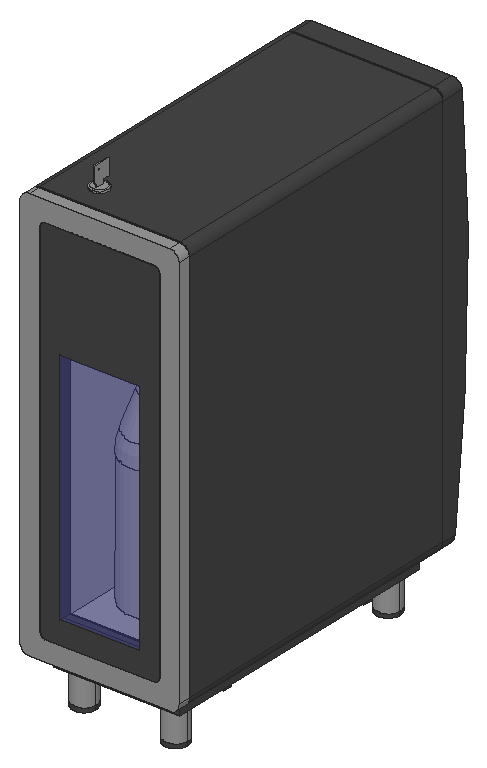
Revit family "Franke_Flavor_Station_FS6-A1000_FM_CM(JP)", category Specialty Equipment, Revit 2015
Parameters (values of type "Flavor Station FS6 - A1000 FM CM(100V/anthracite/JP)")
  Watts max. = 0 W
  Volts max. = 0 V
  URL = "https://www.franke.com/main/en/cs/products/product-search.html"
  Depth (mm) = 452 mm
  Volts min. = 100 V
  Max Overcurrent Protection = "-"
  Cycle Alternative = 60 Hz
  Cycle = 50 Hz
  Model = "Flavor Station FS6 - A1000 FM CM"
  Watts min. = 0 W
  Cost = 0
  Capacity = "up to 6 bottles"
  Height (mm) = 544 mm
  Manufacturer = "Franke"
  Energy loss acc. to DIN 18873 = "-"
  Width (mm) = 200 mm
  Description = "key module Flavor Station enables the automated and constant dosing of syrup in the coffee / milk"
  Assembly Code = "key module Flavor Station"
  Keynote = "key module Flavor Station"
  Weight = "17 kg"
  Number of Poles = 1
  Number of Protective Conductors = "1"
  Number of Nutral Conductors = "1"
  Frontcover = Franke Anthracite
Types (3, lengths in mm): name | Frontcover
  (no name) | Franke Anthracite
  Flavor Station FS6 - A1000 FM CM(100V/black line/JP) | Franke Black
  Flavor Station FS6 - A1000 FM CM(100V/anthracite/JP) | Franke Anthracite
Reference planes
  plane 1 "Mitte (Vorne/Hinten)": y = 0
  plane 2: z = 0
  plane 3 "Mitte (Links/Rechts)": x = 0
Forms (mm)
  Revolve 1, solid, material "Franke Glass (coloured)"
    sketch origin (0, -122.422, 0) x (1, 0, 0) y (0, 0, 1)
      loop
        line (0, 119) -> (42.5, 119) -> (42.5, 285)
        arc (42.5, 285) -> (41.359, 298.689) -> (37.969, 312) r 82.717
        arc (37.969, 312) -> (30.026, 334.024) -> (21.951, 356) r 3887.726
        arc (21.951, 356) -> (18.197, 369.268) -> (16.953, 383) r 74.483
        line (16.953, 383) -> (0, 383) -> (0, 119)
      axis (0, 119) -> (0, 383)
    angle from 0 to 360
  Revolve 2, solid, material "Franke Coloured plastic"
    sketch origin (0, -122.422, 0) x (1, 0, 0) y (0, 0, 1)
      loop
        line (0, 383) -> (16.953, 383) -> (16.953, 417) -> (0, 417) -> (0, 383)
      axis (0, 383) -> (0, 417)
    angle from 0 to 360
  Extrusion 3, solid, material "Franke Anthracite" <- "Frontcover"
    sketch origin (0, 0, 0) x (1, 0, 0) y (0, 0, 1)
      loop
        line (88, 585) -> (-88, 585)
        arc (-88, 585) -> (-96.485, 581.485) -> (-100, 573) r 12
        line (-100, 573) -> (-100, 77)
        arc (-100, 77) -> (-96.485, 68.515) -> (-88, 65) r 12
        line (-88, 65) -> (-85, 65) -> (85, 65) -> (88, 65)
        arc (88, 65) -> (96.485, 68.515) -> (100, 77) r 12
        line (100, 77) -> (100, 573)
        arc (100, 573) -> (96.485, 581.485) -> (88, 585) r 12
      loop
        arc (67, 90) -> (72.657, 92.343) -> (75, 98) r 8
        line (75, 98) -> (75, 552)
        arc (75, 552) -> (72.657, 557.657) -> (67, 560) r 8
        line (67, 560) -> (-67, 560)
        arc (-67, 560) -> (-72.657, 557.657) -> (-75, 552) r 8
        line (-75, 552) -> (-75, 98)
        arc (-75, 98) -> (-72.657, 92.343) -> (-67, 90) r 8
        line (-67, 90) -> (67, 90)
    from 199.53 to 214.53
  Extrusion 4, solid, material "Franke Black"
    sketch origin (0, 0, 0) x (1, 0, 0) y (0, 0, 1)
      loop
        arc (-67, 560) -> (-72.657, 557.657) -> (-75, 552) r 8
        line (-75, 552) -> (-75, 98)
        arc (-75, 98) -> (-72.657, 92.343) -> (-67, 90) r 8
        line (-67, 90) -> (67, 90)
        arc (67, 90) -> (72.657, 92.343) -> (75, 98) r 8
        line (75, 98) -> (75, 552)
        arc (75, 552) -> (72.657, 557.657) -> (67, 560) r 8
        line (67, 560) -> (-67, 560)
      loop
        line (-50, 417) -> (-50, 119) -> (50, 119) -> (50, 417) -> (-50, 417)
    from 199.53 to 214.53
  Extrusion 5, solid, material "Franke Glass"
    sketch origin (0, 0, 0) x (1, 0, 0) y (0, 0, 1)
      loop
        line (-50, 417) -> (-50, 119) -> (50, 119) -> (50, 417) -> (-50, 417)
    from 209.53 to 214.53
  Extrusion 6, solid, material "Franke Black"
    sketch origin (0, 0, 0) x (1, 0, 0) y (0, 0, 1)
      loop
        line (88, 585) -> (-88, 585)
        arc (-88, 585) -> (-96.485, 581.485) -> (-100, 573) r 12
        line (-100, 573) -> (-100, 77)
        arc (-100, 77) -> (-96.485, 68.515) -> (-88, 65) r 12
        line (-88, 65) -> (-85, 65) -> (85, 65) -> (88, 65)
        arc (88, 65) -> (96.485, 68.515) -> (100, 77) r 12
        line (100, 77) -> (100, 573)
        arc (100, 573) -> (96.485, 581.485) -> (88, 585) r 12
    from -198.03 to 198.03
  Extrusion 7, void
    sketch origin (0, 0, 0) x (1, 0, 0) y (0, 0, 1)
      loop
        line (-55, 422) -> (-55, 114) -> (55, 114) -> (55, 422) -> (-55, 422)
    from 4.53 to 267.821
  Extrusion 8, solid, material "Franke Black"
    sketch origin (0, 0, 0) x (0, 1, 0) y (0, 0, 1)
      loop
        line (186.97, 65) -> (-188.03, 65) -> (-188.03, 45) -> (186.97, 45) -> (186.97, 65)
    from -79 to 79
  Extrusion 9, solid, material "Franke Black"
    sketch origin (0, 0, 0) x (0, 1, 0) y (0, 0, 1)
      loop
        line (199.53, 585) -> (199.53, 65) -> (216.03, 65)
        arc (216.03, 65) -> (224.982, 150.997) -> (233.478, 237.039) r 16328.175
        arc (233.478, 237.039) -> (233.864, 241.879) -> (234.093, 246.728) r 150
        arc (234.093, 246.728) -> (236.227, 326.074) -> (237.701, 405.435) r 9548.581
        arc (237.701, 405.435) -> (237.699, 406.999) -> (237.648, 408.563) r 50
        arc (237.648, 408.563) -> (233.118, 496.797) -> (228.03, 585) r 14002.549
        line (228.03, 585) -> (199.53, 585)
    from -100 to 100
  Extrusion 10, void
    sketch origin (0, 0, 0) x (1, 0, 0) y (0, 0, 1)
      loop
        line (-88, 585) -> (-88, 595) -> (-110, 595) -> (-110, 573) -> (-100, 573)
        arc (-100, 573) -> (-96.485, 581.485) -> (-88, 585) r 12
      loop
        arc (88, 585) -> (96.485, 581.485) -> (100, 573) r 12
        line (100, 573) -> (110, 573) -> (110, 595) -> (88, 595) -> (88, 585)
      loop
        arc (-88, 65) -> (-96.485, 68.515) -> (-100, 77) r 12
        line (-100, 77) -> (-110, 77) -> (-110, 55) -> (-88, 55) -> (-88, 65)
      loop
        line (88, 65) -> (88, 55) -> (110, 55) -> (110, 77) -> (100, 77)
        arc (100, 77) -> (96.485, 68.515) -> (88, 65) r 12
    from -305.226 to 299.817
  Revolve 11, solid, material "Franke Chrome"
    sketch origin (-42, 0, 0) x (0, 1, 0) y (0, 0, 1)
      loop
        line (-162.53, 588) -> (-172.563, 588)
        arc (-172.563, 588) -> (-173.27, 587.707) -> (-173.563, 587) r 1
        line (-173.563, 587) -> (-173.563, 585) -> (-162.53, 585) -> (-162.53, 588)
      axis (-162.53, 588) -> (-162.53, 585)
    angle from 0 to 360
  Extrusion 12, solid, material "Franke Chrome"
    sketch origin (0, 0, 0) x (1, 0, 0) y (0, 1, 0)
      loop
        circle (57.5, -167.03) r 15
      loop
        circle (57.5, 166.47) r 15
      loop
        circle (-57.5, -167.03) r 15
      loop
        circle (-57.5, 166.47) r 15
    from 5 to 45
  Extrusion 13, solid, material "Franke Black"
    sketch origin (0, 0, 10) x (0, -1, 0) y (1, 0, 0)
      loop
        circle (167.03, -57.5) r 15
      loop
        circle (-166.47, -57.5) r 15
      loop
        circle (167.03, 57.5) r 15
      loop
        circle (-166.47, 57.5) r 15
    from -10 to -5
  Extrusion 14, solid, material "Franke Black"
    sketch origin (0, 0, 0) x (1, 0, 0) y (0, 1, 0)
      loop
        line (-76.6, 116.47) -> (-76.6, 104.47) -> (-62.6, 104.47) -> (-62.6, 116.47) -> (-76.6, 116.47)
      loop
        line (-76.6, -104.03) -> (-76.6, -116.03) -> (-62.6, -116.03) -> (-62.6, -104.03) -> (-76.6, -104.03)
      loop
        line (76.6, 116.47) -> (62.6, 116.47) -> (62.6, 104.47) -> (76.6, 104.47) -> (76.6, 116.47)
      loop
        line (76.6, -104.03) -> (62.6, -104.03) -> (62.6, -116.03) -> (76.6, -116.03) -> (76.6, -104.03)
    from 40 to 45
  Extrusion 15, solid, material "Franke internal space FS3"
    sketch origin (0, 0, 0) x (1, 0, 0) y (0, 0, 1)
      loop
        line (55, 422) -> (-55, 422) -> (-55, 114) -> (55, 114) -> (55, 422)
      loop
        line (50, 417) -> (-50, 417) -> (-50, 119) -> (50, 119) -> (50, 417)
    from 0 to 198.03
  Extrusion 16, solid
    sketch origin (0, 0, 0) x (1, 0, 0) y (0, 0, 1)
      loop
        line (-90, 75) -> (90, 75) -> (90, 575) -> (-90, 575) -> (-90, 75)
      loop
        line (55, 422) -> (-55, 422) -> (-55, 114) -> (55, 114) -> (55, 422)
    from 198.03 to 199.53
  Extrusion 17, solid
    sketch origin (0, 397.56, 0) x (1, 0, 0) y (0, 0, 1)
      loop
        line (-90, 75) -> (90, 75) -> (90, 575) -> (-90, 575) -> (-90, 75)
    from 198.03 to 199.53
  Extrusion 18, solid, material "Franke Chrome"
    sketch origin (0, 0, 0) x (0, 1, 0) y (0, 0, 1)
      loop
        arc (-169.199, 613) -> (-169.907, 612.707) -> (-170.199, 612) r 1
        line (-170.199, 612) -> (-170.199, 594)
        arc (-170.199, 594) -> (-169.907, 593.293) -> (-169.199, 593) r 1
        line (-169.199, 593) -> (-167.163, 593) -> (-167.163, 588) -> (-157.898, 588) -> (-157.898, 593) -> (-149.885, 593)
        arc (-149.885, 593) -> (-149.178, 593.293) -> (-148.885, 594) r 1
        line (-148.885, 594) -> (-148.885, 612)
        arc (-148.885, 612) -> (-149.178, 612.707) -> (-149.885, 613) r 1
        line (-149.885, 613) -> (-169.199, 613)
      loop
        circle (-164.449, 607.092) r 2
    from -43 to -41
  Extrusion 19, solid, material "Franke Chrome"
    sketch origin (0, 0, 0) x (1, 0, 0) y (0, 1, 0)
      loop
        circle (0, 147.268) r 2.5
    from 40 to 45
Cuts and joins
  Extrusion 10 cuts Extrusion 9
  Extrusion 7 cuts Extrusion 6
Dimensions and locks
  aligned and locked: level to plane 2
Connectors
  electrical at (0, 147.268, 40), driven by "Volts min.", driven by "Number of Poles"
    settings: on Extrusion 19, index 1, voltage 100 V, apparent load 0 VA, apparent load phase1 0 VA, apparent load phase2 0 VA, apparent load phase3 0 VA, power factor 1, load classification "Strom", number of poles 1, system type 31, power factor state 1, is connector primary yes, connector utility no, sub classification motor no, connector description ""
